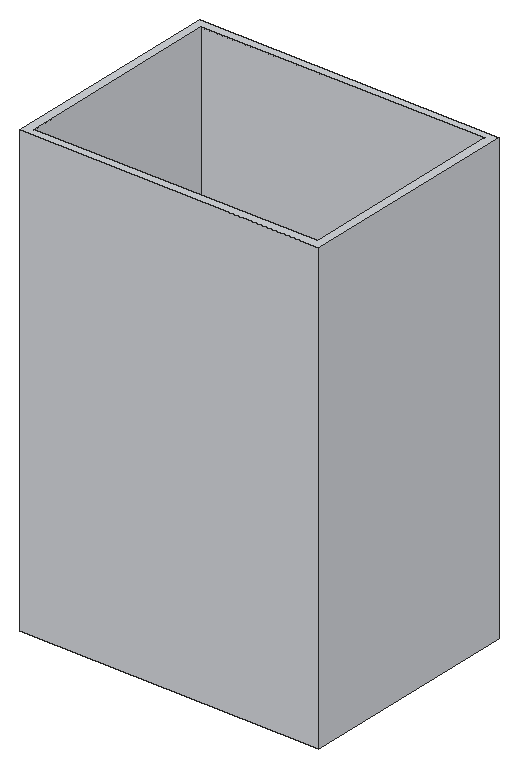
Revit family "Arent Room", category Generic Models, Revit 2022
Family settings
  Can host rebar = No
  Round Connector Dimension = Use Diameter
  Part Type = Normal
  Work Plane-Based = No
  Always vertical = Yes
  Cut with Voids When Loaded = No
  Maintain Annotation Orientation = No
  Shared = No
  Room Calculation Point = No
Parameters
  Width [instance] = 1500 mm
  Thickness [instance] = 50 mm
  Lenght [instance] = 2000 mm
  Height [instance] = 3000 mm
  Default Elevation = 0 mm
Reference planes
  plane 1 "Center (Front/Back)": y = 0
  plane 2: z = 0
  plane 3 "Center (Left/Right)": x = 0
  plane 4: y = 0
  plane 5: y = -1500
  plane 6: x = 0
  plane 7: x = 2000
  plane 8: z = 3000
  plane 9: y = -50
  plane 10: y = -1450
  plane 11: x = 50
  plane 12: x = 1950
Forms (mm)
  Extrusion 1, solid
    sketch origin (0, 0, 0) x (1, 0, 0) y (0, 1, 0)
      loop
        line (0, 0) -> (0, -1500) -> (2000, -1500) -> (2000, 0) -> (0, 0)
    from 0 to 3000
  Extrusion 2, void
    sketch origin (0, 0, 0) x (1, 0, 0) y (0, 1, 0)
      loop
        line (50, -50) -> (50, -1450) -> (1950, -1450) -> (1950, -50) -> (50, -50)
    from 0 to 3000
Cuts and joins
  Extrusion 2 cuts Extrusion 1
Dimensions and locks
  "Lenght": plane 6 to plane 7
  "Width": plane 4 to plane 5
  "Height": level to plane 8
  "Thickness": plane 4 to plane 9
  "Thickness": plane 10 to plane 5
  "Thickness": plane 6 to plane 11
  "Thickness": plane 12 to plane 7
  aligned and locked: level to plane 2
  aligned and locked: plane 1 "Center (Front/Back)" to Extrusion 1 sketch curve
  aligned and locked: plane 3 "Center (Left/Right)" to Extrusion 1 sketch curve
  aligned and locked: plane 5 to Extrusion 1 sketch curve
  aligned and locked: Extrusion 1 sketch curve to plane 7
  aligned and locked: plane 8 to Extrusion 1
  aligned and locked: Extrusion 2 sketch curve to plane 9
  aligned and locked: plane 11 to Extrusion 2 sketch curve
  aligned and locked: plane 10 to Extrusion 2 sketch curve
  aligned and locked: Extrusion 2 sketch curve to plane 12
  aligned and locked: Extrusion 1 to Extrusion 2
